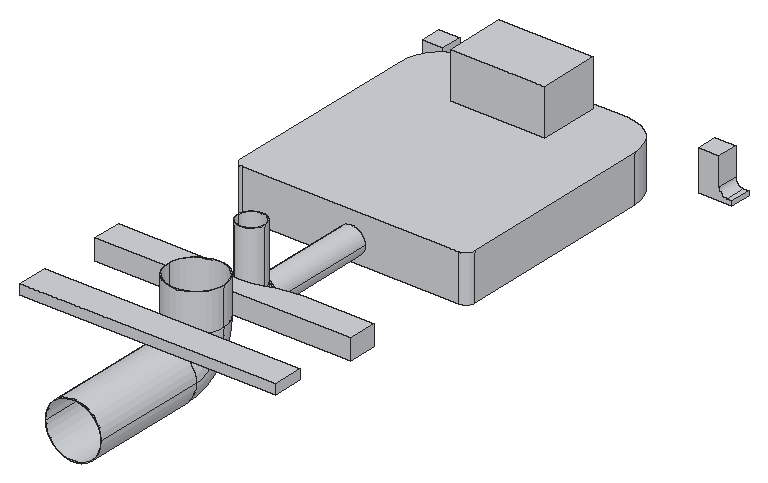
Revit family "Deca_Caixa de descarga embutida para drywall para bacia suspensa_Caixa embutida Hydra_2502.CX.AF", category Plumbing Fixtures, host Face, Revit 2019 (continued)
Lines and regions (mm)
  symbolic lines, style "PlumbingFixtures", visible <- "Visibilidade Mecanismo Interno", detail levels fine
    curve 500: line (38.839, -210.733, 0) -> (38.839, -214.205, 0)
    curve 501: line (38.254, -215.619, 0) -> (36.425, -217.448, 0)
    curve 502: line (-19.6, -275.972, 0) -> (19.6, -275.972, 0)
    curve 503: line (70.161, -321.19, 0) -> (63.97, -328.568, 0)
    curve 504: line (63.961, -328.567, 0) -> (54.836, -339.442, 0)
    curve 505: line (63.052, -299.114, 0) -> (70.862, -315.863, 0)
    curve 506: line (27.572, -277.124, 0) -> (20.6, -277.124, 0)
    curve 507: line (20.6, -277.124, 0) -> (27.636, -277.056, 0)
    curve 508: line (-20.623, -277.056, 0) -> (-27.624, -277.124, 0)
    curve 509: line (-28.216, -277.124, 0) -> (-20.601, -277.124, 0)
    curve 510: line (-56.295, -351.482, 0) -> (-52.142, -357.413, 0)
    curve 511: line (-53.173, -349.256, 0) -> (-55.734, -349.943, 0)
    curve 512: line (58.037, -298.454, 0) -> (56.528, -300.25, 0)
    curve 513: line (57.784, -301.715, 0) -> (59.59, -299.562, 0)
    curve 514: line (61.263, -299.782, 0) -> (69.163, -316.723, 0)
    curve 515: line (68.742, -319.919, 0) -> (64.495, -324.98, 0)
    curve 516: line (-20.092, -275.958, 0) -> (-20.092, -273.04, 0)
    curve 517: line (-20.092, -273.04, 0) -> (-20.122, -276.478, 0)
    curve 518: line (20.092, -275.958, 0) -> (20.123, -273.056, 0)
    curve 519: line (20.123, -273.056, 0) -> (20.123, -276.773, 0)
    curve 520: line (-53.22, -358.952, 0) -> (-60.099, -357.109, 0)
    curve 521: line (-47.518, -370.992, 0) -> (-63.057, -381.18, 0)
    curve 522: line (-63.057, -381.18, 0) -> (-47.532, -370.997, 0)
    curve 523: line (-58.607, -371.132, 0) -> (-47.104, -363.591, 0)
    curve 524: line (-62.406, -351.144, 0) -> (-60.925, -369.995, 0)
    curve 525: line (-69.248, -340.199, 0) -> (-66.149, -379.66, 0)
    curve 526: line (-66.149, -379.66, 0) -> (-69.253, -340.199, 0)
    curve 527: line (50, -452.817, 0) -> (50, -634.951, 0)
    curve 528: line (-50, -452.817, 0) -> (-50, -634.951, 0)
    curve 529: line (45.15, -380.093, 0) -> (45.15, -392.817, 0)
    curve 530: line (-45.15, -380.093, 0) -> (-45.15, -392.817, 0)
    curve 531: line (-295, 597.933, 0) -> (-301, 597.933, 0)
    curve 532: line (-301, 606.433, 0) -> (-295, 606.433, 0)
    curve 533: line (-306, 622.183, 0) -> (-313, 622.183, 0)
    curve 534: line (-313, 582.183, 0) -> (-306, 582.183, 0)
    curve 535: line (-306, 582.183, 0) -> (-290, 582.183, 0)
    curve 536: line (-250, 586.428, 0) -> (-250, 585.183, 0)
    curve 537: line (-315, 620.183, 0) -> (-315, 584.183, 0)
    curve 538: line (295, 606.433, 0) -> (301, 606.433, 0)
    curve 539: line (301, 597.933, 0) -> (295, 597.933, 0)
    curve 540: line (306, 582.183, 0) -> (313, 582.183, 0)
    curve 541: line (250, 586.428, 0) -> (250, 585.183, 0)
    curve 542: line (315, 584.183, 0) -> (315, 620.183, 0)
    curve 543: line (-123.1, 405.144, 0) -> (-133.1, 405.144, 0)
    curve 544: line (-243.1, 405.144, 0) -> (-253.1, 405.144, 0)
    curve 545: line (-189.498, 517.292, 0) -> (-258.314, 517.292, 0)
    curve 546: line (-253.1, 519.222, 0) -> (-243.1, 519.222, 0)
    curve 547: line (-242.837, 519.274, 0) -> (-133.363, 519.274, 0)
    curve 548: line (-133.1, 519.222, 0) -> (-123.1, 519.222, 0)
    curve 549: line (-90.114, 405.819, 0) -> (-90.114, 518.547, 0)
    curve 550: line (-89.114, 519.547, 0) -> (89.114, 519.547, 0)
    curve 551: line (90.114, 518.547, 0) -> (90.114, 405.819, 0)
    curve 552: line (89.114, 404.819, 0) -> (-89.114, 404.819, 0)
    curve 553: line (-122.794, 403.433, 0) -> (-122.794, 404.592, 0)
    curve 554: line (-122.794, 404.592, 0) -> (-117.514, 404.592, 0)
    curve 555: line (-97, 402.933, 0) -> (-122.293, 402.933, 0)
    curve 556: line (-96, 403.933, 0) -> (-96, 412.183, 0)
    curve 557: line (-96, 412.183, 0) -> (-91.913, 412.183, 0)
    curve 558: line (-91.913, 412.183, 0) -> (-91.897, 402.933, 0)
    curve 559: line (-91.897, 402.933, 0) -> (91.897, 402.933, 0)
    curve 560: line (91.897, 402.933, 0) -> (92, 462.183, 0)
    curve 561: line (92, 462.183, 0) -> (91.897, 521.433, 0)
    curve 562: line (91.897, 521.433, 0) -> (-91.897, 521.433, 0)
    curve 563: line (-91.897, 521.433, 0) -> (-91.913, 512.183, 0)
    curve 564: line (-91.913, 512.183, 0) -> (-96, 512.183, 0)
    curve 565: line (-96, 512.183, 0) -> (-96, 520.433, 0)
    curve 566: line (-97, 521.433, 0) -> (-122.293, 521.433, 0)
    curve 567: line (-122.794, 520.933, 0) -> (-122.794, 519.774, 0)
    curve 568: line (-122.794, 519.774, 0) -> (-117.514, 519.774, 0)
    curve 569: line (-99.621, 503.948, 0) -> (-113.985, 518.312, 0)
    curve 570: line (-98.159, 423.947, 0) -> (-98.159, 500.419, 0)
    curve 571: line (-113.985, 406.054, 0) -> (-99.621, 420.417, 0)
    curve 572: line (97.897, 521.443, 0) -> (98, 462.183, 0)
    curve 573: line (98, 462.183, 0) -> (92, 462.183, 0)
    curve 574: line (91.897, 527.433, 0) -> (-91.897, 527.433, 0)
    curve 575: line (-91.897, 396.933, 0) -> (91.897, 396.933, 0)
    curve 576: line (97.897, 402.922, 0) -> (98, 462.183, 0)
    curve 577: line (-261.475, 451.5, 0) -> (-261.475, 472.866, 0)
    curve 578: line (-133.406, 403.433, 0) -> (-133.406, 404.592, 0)
    curve 579: line (-133.406, 404.592, 0) -> (-242.795, 404.592, 0)
    curve 580: line (-263.467, 474.858, 0) -> (-272.5, 474.858, 0)
    curve 581: line (-272.5, 474.858, 0) -> (-272.5, 449.508, 0)
    curve 582: line (-272.5, 449.508, 0) -> (-263.467, 449.508, 0)
    curve 583: line (-133.907, 521.433, 0) -> (-242.293, 521.433, 0)
    curve 584: line (-242.794, 520.933, 0) -> (-242.794, 519.774, 0)
    curve 585: line (-133.406, 519.774, 0) -> (-133.406, 520.933, 0)
    curve 586: line (-189.498, 462.366, 0) -> (-189.498, 405.092, 0)
    curve 587: line (-224.983, 479.366, 0) -> (-224.983, 445, 0)
    curve 588: line (-280, 403.933, 0) -> (-280, 520.433, 0)
    curve 589: line (-253.907, 521.433, 0) -> (-279, 521.433, 0)
    curve 590: line (-253.406, 520.933, 0) -> (-253.406, 519.774, 0)
    curve 591: line (-253.406, 519.774, 0) -> (-258.486, 519.774, 0)
    curve 592: line (-253.406, 403.433, 0) -> (-253.406, 404.592, 0)
    curve 593: line (-253.406, 404.592, 0) -> (-258.486, 404.592, 0)
    curve 594: line (-253.907, 402.933, 0) -> (-279, 402.933, 0)
    curve 595: line (-189.498, 462.366, 0) -> (-189.498, 519.274, 0)
    curve 596: line (-274.624, 502.021, 0) -> (-260.088, 516.557, 0)
    curve 597: line (-275.359, 424.118, 0) -> (-275.359, 500.247, 0)
    curve 598: line (-260.088, 407.809, 0) -> (-274.624, 422.345, 0)
    curve 599: line (-189.498, 407.074, 0) -> (-258.314, 407.074, 0)
    curve 600: line (-263.3, 471.431, 0) -> (-263.3, 452.935, 0)
    curve 601: line (-263.3, 452.935, 0) -> (-263.3, 450.858, 0)
    curve 602: line (-263.3, 450.858, 0) -> (-265.8, 450.858, 0)
    curve 603: line (-265.8, 450.858, 0) -> (-265.8, 473.508, 0)
    curve 604: line (-265.8, 473.508, 0) -> (-263.3, 473.508, 0)
    curve 605: line (-263.3, 473.508, 0) -> (-263.3, 471.431, 0)
    curve 606: line (-276.379, 420.417, 0) -> (-262.015, 406.054, 0)
    curve 607: line (-277.841, 500.419, 0) -> (-277.841, 423.947, 0)
    curve 608: line (-262.015, 518.312, 0) -> (-276.379, 503.948, 0)
    curve 609: line (-187.086, 519.274, 0) -> (-187.086, 435.025, 0)
    curve 610: line (-187.095, 430.471, 0) -> (-187.172, 417.216, 0)
    curve 611: line (-187.173, 416.614, 0) -> (-187.173, 405.092, 0)
    curve 612: line (-221.817, 480.666, 0) -> (-223.683, 480.666, 0)
    curve 613: line (-223.683, 443.7, 0) -> (-221.817, 443.7, 0)
    curve 614: line (-220.518, 479.366, 0) -> (-220.518, 445, 0)
    curve 615: line (207.895, 404.186, 0) -> (207.895, 377.161, 0)
    curve 616: line (110, -218.817, 0) -> (250, -218.817, 0)
    curve 617: line (-216.895, 52.068, 0) -> (-216.179, 64.983, 0)
  symbolic lines, visible <- "Visibilidade Mecanismo Interno", detail levels fine
    curve 618: line (0, -527.86, -52.482) -> (0, -635.081, -52.669)
    curve 619: line (0, -635.081, -52.669) -> (0, -634.906, -152.669)
    curve 620: line (0, -634.906, -152.669) -> (0, -380.057, -152.224)
    curve 621: arc (0, -380.057, -152.224) -> (0, -326.638, -134.613) -> (0, -294.006, -88.8) r 90.3
    curve 622: line (0, -164.476, 75.6) -> (0, -235.676, 75.6)
    curve 623: line (0, -235.676, 75.6) -> (0, -229.282, 2.513)
    curve 624: line (0, -229.282, 2.513) -> (0, -170.871, 2.513)
    curve 625: line (0, -170.871, 2.513) -> (0, -164.476, 75.6)
    curve 626: line (0, -385.949, -13.5) -> (0, -390.24, 38.758)
    curve 627: line (0, -390.24, 38.758) -> (0, -280.24, 38.95)
    curve 628: line (0, -280.24, 38.95) -> (0, -284.363, -13.5)
    curve 629: line (0, -457.86, -13.5) -> (0, 622.14, -13.5)
    curve 630: line (0, 622.14, -13.5) -> (0, 622.14, -53.5)
    curve 631: line (0, 622.14, -53.5) -> (0, -457.86, -53.5)
    curve 632: line (0, -457.86, -53.5) -> (0, -457.86, -13.5)
    curve 633: line (0, -406.749, -53.5) -> (0, -406.577, -152.271)
    curve 634: arc (0, -216.938, -70.901) -> (0, -195.784, -89.066) -> (0, -168.676, -95.6) r 59.5
    curve 635: line (0, -168.676, -53.5) -> (0, -168.676, -95.6)
    curve 636: line (0, -168.676, -95.6) -> (0, -3.86, -95.6)
    curve 637: line (0, -33.86, -53.5) -> (0, -33.86, -67.5)
    curve 638: line (0, -33.86, -67.5) -> (0, -6.86, -67.5)
    curve 639: arc (0, -6.86, -67.5) -> (0, -4.739, -68.379) -> (0, -3.86, -70.5) r 3
    curve 640: line (0, -3.86, -70.5) -> (0, -3.86, -105.024)
    curve 641: line (0, -3.86, -105.024) -> (0, 45.249, -105.881)
    curve 642: spline (0, 45.249, -105.881) -> (0, 45.383, -105.886) -> (0, 45.517, -105.898) -> (0, 45.65, -105.915) -> (0, 45.783, -105.939) -> (0, 45.914, -105.968) -> (0, 46.043, -106.003) -> (0, 46.171, -106.044) -> (0, 46.297, -106.091) -> (0, 46.421, -106.144) -> (0, 46.542, -106.202) -> (0, 46.661, -106.265) -> (0, 46.776, -106.334)
    curve 643: line (0, 373.14, -98.46) -> (0, 64.88, -97.629)
    curve 644: spline (0, 54.886, -53.5) -> (0, 54.081, -57.009) -> (0, 53.507, -60.564) -> (0, 53.169, -64.148) -> (0, 53.067, -67.746) -> (0, 53.201, -71.343) -> (0, 53.572, -74.924) -> (0, 54.177, -78.473) -> (0, 55.014, -81.975) -> (0, 56.08, -85.415) -> (0, 57.369, -88.778) -> (0, 58.876, -92.05) -> (0, 60.595, -95.217)
    curve 645: line (0, 402.89, 76.63) -> (0, 402.89, -8.473)
    curve 646: line (0, 396.89, -8.484) -> (0, 462.14, -8.37)
    curve 647: line (0, 462.14, -8.37) -> (0, 527.39, -8.484)
    curve 648: line (0, 527.39, -8.484) -> (0, 527.39, -13.5)
    curve 649: line (0, 521.39, -8.473) -> (0, 521.39, 76.63)
    curve 650: line (0, 521.39, 76.63) -> (0, 402.89, 76.63)
    curve 651: line (0, 583.14, -58.5) -> (0, 583.14, -123.5)
    curve 652: arc (0, 583.14, -123.5) -> (0, 582.433, -123.793) -> (0, 582.14, -124.5) r 1
    curve 653: line (0, 582.14, -124.5) -> (0, 582.14, -133.5)
    curve 654: line (0, 582.14, -133.5) -> (0, 622.14, -133.5)
    curve 655: line (0, 622.14, -133.5) -> (0, 622.14, -124.5)
    curve 656: line (0, 622.14, -124.5) -> (0, 622.14, -58.5)
    curve 657: line (0, 622.14, -58.5) -> (0, 582.14, -58.5)
    curve 658: line (0, 582.14, -58.5) -> (0, 582.14, -108.5)
    curve 659: line (0, 582.14, -108.5) -> (0, 585.339, -108.5)
    curve 660: spline (0, 585.339, -108.5) -> (0, 585.34, -110.458) -> (0, 585.342, -112.382) -> (0, 585.345, -114.24) -> (0, 585.35, -116) -> (0, 585.355, -117.631) -> (0, 585.362, -119.107) -> (0, 585.37, -120.4) -> (0, 585.378, -121.49) -> (0, 585.388, -122.358) -> (0, 585.397, -122.989) -> (0, 585.407, -123.372) -> (0, 585.418, -123.5)
    curve 661: line (0, -527.86, -53.5) -> (0, -527.86, -13.5)
    curve 662: line (0, -527.86, -13.5) -> (0, -523.86, -13.5)
    curve 663: line (0, -523.86, -13.5) -> (0, -523.86, -53.5)
    curve 664: line (0, -523.86, -53.5) -> (0, -527.86, -53.5)
    curve 665: line (0, -523.86, -16) -> (0, -457.86, -16)
    curve 666: line (0, -457.86, -52.36) -> (0, -523.86, -52.475)
    curve 667: line (0, -275.984, -133.529) -> (0, -224.082, -133.529)
    curve 668: line (0, -224.082, -133.529) -> (0, -223.876, -54.992)
    curve 669: line (0, -276.324, -55.515) -> (0, -275.984, -133.529)
    curve 670: line (0, -266.532, -133.529) -> (0, -266.326, -55)
    curve 671: line (0, -233.284, -133.529) -> (0, -233.626, -55)
    curve 672: arc (0, -307.648, -53.5) -> (0, -299.022, -66.411) -> (0, -295.173, -81.455) r 46.09
    curve 673: arc (0, -295.173, -81.455) -> (0, -294.73, -85.15) -> (0, -294.006, -88.8) r 48.816
    curve 674: arc (0, -294.006, -88.8) -> (0, -291.765, -94.844) -> (0, -288.474, -100.386) r 35.713
    curve 675: arc (0, -231.626, -4.9) -> (0, -232.763, -9.154) -> (0, -232.056, -13.5) r 10.5
    curve 676: arc (0, -168.097, -13.5) -> (0, -167.389, -9.154) -> (0, -168.526, -4.9) r 10.5
    curve 677: line (0, -167.826, -4.4) -> (0, -167.826, 0.1)
    curve 678: arc (0, -167.826, 0.1) -> (0, -168.266, 1.161) -> (0, -169.326, 1.6) r 1.5
    curve 679: line (0, -169.326, 1.6) -> (0, -230.826, 1.6)
    curve 680: arc (0, -230.826, 1.6) -> (0, -231.887, 1.161) -> (0, -232.326, 0.1) r 1.5
    curve 681: line (0, -232.326, 0.1) -> (0, -232.326, -4.4)
    curve 682: arc (0, -232.326, -4.4) -> (0, -232.18, -4.754) -> (0, -231.826, -4.9) r 0.5
    curve 683: line (0, -231.826, -4.9) -> (0, -168.326, -4.9)
    curve 684: arc (0, -168.326, -4.9) -> (0, -167.973, -4.754) -> (0, -167.826, -4.4) r 0.5
    curve 685: line (0, -223.296, -85.005) -> (0, -209.093, -53.5)
    curve 686: line (0, -285.49, -104.436) -> (0, -285.47, -116.059)
    curve 687: line (0, -285.47, -116.059) -> (0, -288.47, -116.064)
    curve 688: line (0, -288.47, -116.064) -> (0, -288.496, -101.065)
    curve 689: line (0, -19.383, -67.5) -> (0, -19.383, -53.5)
    curve 690: arc (0, 52.025, -100.171) -> (0, 44.007, -77.519) -> (0, 44.722, -53.5) r 65.322
    curve 691: arc (0, 31.259, -53.5) -> (0, 29.808, -67.462) -> (0, 31.259, -81.423) r 67.884
    curve 692: arc (0, 31.259, -81.423) -> (0, 34.812, -93.022) -> (0, 40.385, -103.797) r 67.442
    curve 693: line (0, 34.84, -53.5) -> (0, 34.84, -82)
    curve 694: arc (0, 34.84, -82) -> (0, 32.719, -81.121) -> (0, 31.84, -79) r 3
    curve 695: line (0, 31.84, -79) -> (0, 31.84, -56)
    curve 696: arc (0, 31.84, -56) -> (0, 32.197, -54.581) -> (0, 33.182, -53.5) r 3
    curve 697: line (0, 34.84, -82) -> (0, 40.116, -82)
    curve 698: arc (0, 34.316, -81.954) -> (0, 37.458, -92.043) -> (0, 42.307, -101.432) r 60.509
    curve 699: line (0, 42.307, -101.432) -> (0, 51.235, -101.432)
    curve 700: arc (0, 40.116, -82) -> (0, 39.738, -67.75) -> (0, 40.1, -53.5) r 274.982
    curve 701: line (0, 373.251, -57.5) -> (0, 68.14, -57.5)
    curve 702: spline (0, 68.14, -57.5) -> (0, 67.488, -57.543) -> (0, 66.846, -57.67) -> (0, 66.227, -57.881) -> (0, 65.64, -58.17) -> (0, 65.096, -58.533) -> (0, 64.605, -58.964) -> (0, 64.173, -59.456) -> (0, 63.81, -60) -> (0, 63.521, -60.587) -> (0, 63.311, -61.206) -> (0, 63.183, -61.847) -> (0, 63.14, -62.5)
    curve 703: line (0, 63.14, -62.5) -> (0, 63.14, -72.5)
    curve 704: spline (0, 63.14, -72.5) -> (0, 63.183, -73.153) -> (0, 63.311, -73.794) -> (0, 63.521, -74.413) -> (0, 63.81, -75) -> (0, 64.173, -75.544) -> (0, 64.605, -76.036) -> (0, 65.096, -76.467) -> (0, 65.64, -76.83) -> (0, 66.227, -77.119) -> (0, 66.846, -77.33) -> (0, 67.488, -77.457) -> (0, 68.14, -77.5)
    curve 705: line (0, 68.14, -77.5) -> (0, 373.251, -77.5)
    curve 706: arc (0, 60.595, -95.217) -> (0, 62.423, -96.981) -> (0, 64.88, -97.629) r 5.037
    curve 707: arc (0, 380.14, -61.5) -> (0, 380.847, -61.793) -> (0, 381.14, -62.5) r 1
    curve 708: line (0, 381.14, -62.5) -> (0, 381.14, -101.5)
    curve 709: arc (0, 381.14, -101.5) -> (0, 381.872, -103.268) -> (0, 383.64, -104) r 2.5
    curve 710: line (0, 383.64, -104) -> (0, 418.64, -104)
    curve 711: arc (0, 418.64, -104) -> (0, 420.408, -103.268) -> (0, 421.14, -101.5) r 2.5
    curve 712: line (0, 421.14, -101.5) -> (0, 421.14, -62.5)
    curve 713: arc (0, 421.14, -62.5) -> (0, 421.433, -61.793) -> (0, 422.14, -61.5) r 1
    curve 714: line (0, 376.14, -53.5) -> (0, 376.14, -61)
    curve 715: arc (0, 376.14, -61) -> (0, 376.287, -61.354) -> (0, 376.64, -61.5) r 0.5
    curve 716: line (0, 376.64, -61.5) -> (0, 425.64, -61.5)
    curve 717: arc (0, 425.64, -61.5) -> (0, 425.994, -61.354) -> (0, 426.14, -61) r 0.5
    curve 718: line (0, 426.14, -61) -> (0, 426.14, -53.5)
    curve 719: line (0, 396.14, -95.457) -> (0, 406.14, -95.457)
    curve 720: line (0, 396.14, -72.205) -> (0, 396.14, -95.457)
    curve 721: line (0, 406.14, -72.205) -> (0, 396.14, -72.205)
    curve 722: line (0, 406.14, -95.457) -> (0, 406.14, -72.205)
    curve 723: line (0, 405.04, 76.63) -> (0, 405.754, 117.538)
    curve 724: spline (0, 406.111, 119.307) -> (0, 406.057, 119.166) -> (0, 406.007, 119.023) -> (0, 405.962, 118.879) -> (0, 405.921, 118.733) -> (0, 405.884, 118.586) -> (0, 405.852, 118.439) -> (0, 405.824, 118.29) -> (0, 405.801, 118.14) -> (0, 405.783, 117.99) -> (0, 405.769, 117.84) -> (0, 405.759, 117.689) -> (0, 405.754, 117.538)
    curve 725: line (0, 408.537, 125.373) -> (0, 406.111, 119.307)
    curve 726: spline (0, 410.394, 126.63) -> (0, 410.196, 126.62) -> (0, 410, 126.591) -> (0, 409.808, 126.542) -> (0, 409.621, 126.475) -> (0, 409.442, 126.389) -> (0, 409.273, 126.286) -> (0, 409.114, 126.167) -> (0, 408.969, 126.033) -> (0, 408.837, 125.885) -> (0, 408.72, 125.724) -> (0, 408.62, 125.553) -> (0, 408.537, 125.373)
    curve 727: line (0, 410.394, 126.63) -> (0, 417.14, 126.63)
    curve 728: line (0, 430.686, 103.873) -> (0, 417.14, 126.63)
    curve 729: spline (0, 430.686, 103.873) -> (0, 430.922, 103.512) -> (0, 431.188, 103.174) -> (0, 431.483, 102.859) -> (0, 431.803, 102.571) -> (0, 432.147, 102.312) -> (0, 432.512, 102.083) -> (0, 432.895, 101.887) -> (0, 433.293, 101.724) -> (0, 433.705, 101.596) -> (0, 434.125, 101.504) -> (0, 434.552, 101.449) -> (0, 434.983, 101.43)
    curve 730: line (0, 459.154, 101.43) -> (0, 434.983, 101.43)
    curve 731: line (0, 489.298, 101.43) -> (0, 465.126, 101.43)
    curve 732: spline (0, 489.298, 101.43) -> (0, 489.728, 101.449) -> (0, 490.155, 101.504) -> (0, 490.576, 101.596) -> (0, 490.987, 101.724) -> (0, 491.386, 101.887) -> (0, 491.769, 102.083) -> (0, 492.134, 102.312) -> (0, 492.477, 102.571) -> (0, 492.798, 102.859) -> (0, 493.092, 103.174) -> (0, 493.358, 103.512) -> (0, 493.594, 103.873)
    curve 733: line (0, 507.14, 126.63) -> (0, 493.594, 103.873)
    curve 734: line (0, 507.14, 126.63) -> (0, 513.886, 126.63)
    curve 735: line (0, 518.169, 119.307) -> (0, 515.743, 125.373)
    curve 736: spline (0, 518.526, 117.538) -> (0, 518.521, 117.689) -> (0, 518.512, 117.84) -> (0, 518.498, 117.99) -> (0, 518.479, 118.14) -> (0, 518.456, 118.29) -> (0, 518.428, 118.439) -> (0, 518.396, 118.586) -> (0, 518.359, 118.733) -> (0, 518.318, 118.879) -> (0, 518.273, 119.023) -> (0, 518.223, 119.166) -> (0, 518.169, 119.307)
    curve 737: line (0, 519.135, 82.63) -> (0, 518.526, 117.538)
    curve 738: arc (0, 513.886, 126.63) -> (0, 515.007, 126.286) -> (0, 515.743, 125.373) r 2
    curve 739: line (0, 405.145, 82.63) -> (0, 519.135, 82.63)
    curve 740: line (0, 412.306, 82.63) -> (0, 412.79, 89.63)
    curve 741: line (0, 473.975, 82.63) -> (0, 473.49, 89.63)
    curve 742: line (0, 473.49, 89.63) -> (0, 412.79, 89.63)
    curve 743: line (0, 480.14, 82.63) -> (0, 480.14, 86.898)
    curve 744: line (0, 480.14, 86.898) -> (0, 483.14, 88.63)
    curve 745: line (0, 483.14, 88.63) -> (0, 509.14, 88.63)
    curve 746: line (0, 509.14, 88.63) -> (0, 512.14, 86.898)
    curve 747: line (0, 512.14, 86.898) -> (0, 512.14, 82.63)
    curve 748: arc (0, 483.464, 89.535) -> (0, 482.843, 90.881) -> (0, 481.467, 91.43) r 2
    curve 749: line (0, 483.464, 89.535) -> (0, 483.511, 88.63)
    curve 750: line (0, 481.467, 91.43) -> (0, 442.814, 91.43)
    curve 751: arc (0, 442.814, 91.43) -> (0, 441.472, 90.913) -> (0, 440.824, 89.63) r 2
    curve 752: line (0, 519.277, 76.63) -> (0, 519.135, 82.63)
    curve 753: line (0, 396.89, -8.484) -> (0, 396.89, -13.5)
    curve 754: arc (0, 52.025, -100.171) -> (0, 57.488, -105.625) -> (0, 64.942, -107.628) r 14.956
    curve 755: arc (0, 42.999, -107.545) -> (0, 45.672, -108.318) -> (0, 48.443, -108.584) r 15
    curve 756: line (0, 42.999, -107.545) -> (0, 27.137, -107.503)
    curve 757: arc (0, 26.14, -106.503) -> (0, 26.432, -107.209) -> (0, 27.137, -107.503) r 1
    curve 758: line (0, 26.14, -105.547) -> (0, 26.14, -106.503)
    curve 759: line (0, 48.443, -108.584) -> (0, 388.16, -109.5)
    curve 760: line (0, 373.251, -53.5) -> (0, 373.251, -109.46)
    curve 761: line (0, 388.16, -109.5) -> (0, 388.171, -105.402)
    curve 762: line (0, 376.875, -105.37) -> (0, 404.14, -105.448)
    curve 763: line (0, 404.14, -105.448) -> (0, 521.221, -103.404)
    curve 764: arc (0, 521.221, -103.404) -> (0, 528.047, -100.604) -> (0, 531.176, -93.923) r 10.155
    curve 765: line (0, 533.757, -89.5) -> (0, 537.14, -89.5)
    curve 766: arc (0, 537.14, -89.5) -> (0, 538.554, -88.914) -> (0, 539.14, -87.5) r 2
    curve 767: line (0, 564.39, -77.653) -> (0, 543.39, -77.653)
    curve 768: line (0, 564.39, -57.04) -> (0, 564.39, -77.653)
    curve 769: line (0, 543.39, -57.04) -> (0, 564.39, -57.04)
    curve 770: line (0, 543.39, -84.003) -> (0, 543.39, -57.04)
    curve 771: arc (0, 542.122, -85.573) -> (0, 543.034, -85.012) -> (0, 543.39, -84.003) r 1.606
    curve 772: line (0, 542.122, -85.573) -> (0, 539.14, -85.399)
    curve 773: line (0, 539.14, -53.5) -> (0, 539.14, -87.5)
    curve 774: line (0, 531.14, -53.5) -> (0, 531.14, -75.073)
    curve 775: arc (0, 517.935, -82.36) -> (0, 517.746, -83.408) -> (0, 517.682, -84.471) r 8.944
    curve 776: line (0, 389.39, -94.115) -> (0, 389.39, -61.5)
    curve 777: line (0, 392.89, -94.115) -> (0, 392.89, -61.5)
    curve 778: arc (0, 389.39, -94.115) -> (0, 389.852, -96.086) -> (0, 391.14, -97.648) r 4.442
    curve 779: arc (0, 392.89, -94.115) -> (0, 392.429, -96.086) -> (0, 391.14, -97.648) r 4.442
    curve 780: line (0, 409.39, -94.115) -> (0, 409.39, -61.5)
    curve 781: line (0, 412.89, -94.115) -> (0, 412.89, -61.5)
    curve 782: arc (0, 409.39, -94.115) -> (0, 409.852, -96.086) -> (0, 411.14, -97.648) r 4.442
    curve 783: arc (0, 412.89, -94.115) -> (0, 412.429, -96.086) -> (0, 411.14, -97.648) r 4.442
    curve 784: arc (0, 518.744, -79.93) -> (0, 518.238, -81.111) -> (0, 517.935, -82.36) r 7.727
    curve 785: arc (0, 518.744, -79.93) -> (0, 519.844, -78.214) -> (0, 521.343, -76.832) r 7.974
    curve 786: arc (0, 521.343, -76.832) -> (0, 522.387, -76.309) -> (0, 523.539, -76.119) r 3.878
    curve 787: arc (0, 517.935, -86.583) -> (0, 517.746, -85.534) -> (0, 517.682, -84.471) r 8.944
    curve 788: arc (0, 518.744, -89.012) -> (0, 518.238, -87.831) -> (0, 517.935, -86.583) r 7.727
    curve 789: arc (0, 518.744, -89.012) -> (0, 519.844, -90.729) -> (0, 521.343, -92.11) r 7.974
    curve 790: arc (0, 521.343, -92.11) -> (0, 522.387, -92.634) -> (0, 523.539, -92.823) r 3.878
    curve 791: arc (0, 523.539, -76.119) -> (0, 524.398, -76.265) -> (0, 525.15, -76.705) r 2.427
    curve 792: arc (0, 525.15, -76.705) -> (0, 526.365, -78.12) -> (0, 527.104, -79.833) r 6.196
    curve 793: arc (0, 519.764, -74.928) -> (0, 518.435, -75.303) -> (0, 517.241, -75.999) r 5.467
    curve 794: arc (0, 517.241, -75.999) -> (0, 515.038, -78.343) -> (0, 513.691, -81.263) r 10.016
    curve 795: arc (0, 513.691, -81.263) -> (0, 513.357, -82.867) -> (0, 513.236, -84.5) r 12.473
    curve 796: arc (0, 523.539, -92.823) -> (0, 524.398, -92.677) -> (0, 525.15, -92.237) r 2.427
    curve 797: arc (0, 525.15, -92.237) -> (0, 526.365, -90.822) -> (0, 527.104, -89.11) r 6.196
    curve 798: arc (0, 527.104, -79.833) -> (0, 527.702, -84.471) -> (0, 527.104, -89.11) r 18.295
    curve 799: arc (0, 519.764, -74.928) -> (0, 521.339, -74.985) -> (0, 522.908, -75.118) r 32.207
    curve 800: arc (0, 522.908, -75.118) -> (0, 524.262, -75.531) -> (0, 525.392, -76.384) r 4.056
    curve 801: arc (0, 525.392, -76.384) -> (0, 527.2, -79.646) -> (0, 527.783, -83.329) r 10.735
    curve 802: arc (0, 519.764, -94.072) -> (0, 518.435, -93.697) -> (0, 517.241, -93.001) r 5.467
    curve 803: arc (0, 517.241, -93.001) -> (0, 515.038, -90.657) -> (0, 513.691, -87.737) r 10.016
    curve 804: arc (0, 513.691, -87.737) -> (0, 513.357, -86.133) -> (0, 513.236, -84.5) r 12.473
    curve 805: arc (0, 519.764, -94.072) -> (0, 521.339, -94.015) -> (0, 522.908, -93.882) r 32.207
    curve 806: arc (0, 522.908, -93.882) -> (0, 524.262, -93.469) -> (0, 525.392, -92.616) r 4.056
    curve 807: arc (0, 525.392, -92.616) -> (0, 527.169, -89.443) -> (0, 527.785, -85.86) r 10.735
    curve 808: arc (0, 374.136, -103.361) -> (0, 375.178, -104.812) -> (0, 376.875, -105.37) r 2.883
    curve 809: arc (0, 527.785, -85.86) -> (0, 527.824, -84.595) -> (0, 527.783, -83.329) r 20.174
    curve 810: arc (0, 527.573, -81.016) -> (0, 527.938, -78.676) -> (0, 528.635, -76.413) r 16.448
    curve 811: arc (0, 528.635, -76.413) -> (0, 529.125, -75.586) -> (0, 529.854, -74.961) r 2.949
    curve 812: line (0, 529.854, -74.961) -> (0, 531.979, -75.147)
    curve 813: arc (0, 531.979, -75.147) -> (0, 532.839, -75.697) -> (0, 533.389, -76.557) r 2.378
    curve 814: arc (0, 527.573, -87.984) -> (0, 527.938, -90.324) -> (0, 528.635, -92.587) r 16.448
    curve 815: arc (0, 528.635, -92.587) -> (0, 529.125, -93.414) -> (0, 529.854, -94.039) r 2.949
    curve 816: line (0, 529.854, -94.039) -> (0, 531.979, -93.853)
    curve 817: arc (0, 531.979, -93.853) -> (0, 532.839, -93.303) -> (0, 533.389, -92.443) r 2.378
    curve 818: arc (0, 533.389, -76.557) -> (0, 533.997, -84.5) -> (0, 533.389, -92.443) r 52.209
    curve 819: circle (0, -527.87, -67.5) r 24 normal (0, 1, 0)
    curve 820: circle (-67.5, -527.87, -67.5) r 24 normal (0, 1, 0)
    curve 821: circle (67.5, -527.87, -67.5) r 20 normal (0, 1, 0)
    curve 822: circle (0, -527.87, -67.5) r 20 normal (0, 1, 0)
    curve 823: circle (-67.5, -527.87, -67.5) r 15.388 normal (0, 1, 0)
    curve 824: circle (-67.5, -527.87, -67.5) r 9.3 normal (0, 1, 0)
    curve 825: line (-250, -527.87, -43.5) -> (250, -527.87, -43.5)
    curve 826: line (141.034, -527.87, -43.5) -> (141.034, -527.87, -93.352)
    curve 827: line (141.034, -527.87, -93.352) -> (-141.034, -527.87, -93.352)
    curve 828: line (-141.034, -527.87, -93.352) -> (-141.034, -527.87, -43.5)
    curve 829: circle (113.3, -527.87, -67.5) r 3.927 normal (0, 1, 0)
    curve 830: circle (-113.3, -527.87, -67.5) r 3.927 normal (0, 1, 0)
    curve 831: line (-229, -527.87, -43.5) -> (-229, -527.87, -53)
    curve 832: arc (-229, -527.87, -53) -> (-229.146, -527.87, -53.354) -> (-229.5, -527.87, -53.5) r 0.5
    curve 833: line (-229.5, -527.87, -53.5) -> (-288, -527.87, -53.5)
    curve 834: arc (-288, -527.87, -53.5) -> (-289.414, -527.87, -52.914) -> (-290, -527.87, -51.5) r 2
    curve 835: line (-290, -527.87, -51.5) -> (-290, -527.87, -15.5)
    curve 836: arc (-290, -527.87, -15.5) -> (-289.414, -527.87, -14.086) -> (-288, -527.87, -13.5) r 2
    curve 837: line (-288, -527.87, -13.5) -> (288, -527.87, -13.5)
    curve 838: arc (288, -527.87, -13.5) -> (289.414, -527.87, -14.086) -> (290, -527.87, -15.5) r 2
    curve 839: line (290, -527.87, -15.5) -> (290, -527.87, -51.5)
    curve 840: arc (290, -527.87, -51.5) -> (289.414, -527.87, -52.914) -> (288, -527.87, -53.5) r 2
    curve 841: line (288, -527.87, -53.5) -> (229, -527.87, -53.5)
    curve 842: line (250, -527.87, -133.5) -> (315, -527.87, -133.5)
    curve 843: line (315, -527.87, -133.5) -> (315, -527.87, -124.5)
    curve 844: arc (315, -527.87, -124.5) -> (314.707, -527.87, -123.793) -> (314, -527.87, -123.5) r 1
    curve 845: line (314, -527.87, -123.5) -> (306.006, -527.87, -123.5)
    curve 846: arc (306.006, -527.87, -123.5) -> (295.396, -527.87, -119.109) -> (291, -527.87, -108.5) r 15
    curve 847: line (291, -527.87, -108.5) -> (291, -527.87, -58.5)
    curve 848: line (291, -527.87, -58.5) -> (250, -527.87, -58.5)
    curve 849: line (250, -527.87, -58.5) -> (250, -527.87, -67.5)
    curve 850: line (250, -527.87, -67.5) -> (253, -527.87, -67.5)
    curve 851: line (253, -527.87, -67.5) -> (253, -527.87, -71.8)
    curve 852: line (253, -527.87, -71.8) -> (251, -527.87, -71.8)
    curve 853: line (251, -527.87, -71.8) -> (250, -527.87, -71.8)
    curve 854: line (250, -527.87, -71.8) -> (250, -527.87, -133.5)
    curve 855: line (-250, -527.87, -133.5) -> (-315, -527.87, -133.5)
    curve 856: line (-315, -527.87, -133.5) -> (-315, -527.87, -124.5)
    curve 857: arc (-315, -527.87, -124.5) -> (-314.707, -527.87, -123.793) -> (-314, -527.87, -123.5) r 1
    curve 858: line (-314, -527.87, -123.5) -> (-306.006, -527.87, -123.5)
    curve 859: arc (-306.006, -527.87, -123.5) -> (-295.396, -527.87, -119.109) -> (-291, -527.87, -108.5) r 15
    curve 860: line (-291, -527.87, -108.5) -> (-291, -527.87, -58.5)
    curve 861: line (-291, -527.87, -58.5) -> (-250, -527.87, -58.5)
    curve 862: line (-250, -527.87, -58.5) -> (-250, -527.87, -67.5)
    curve 863: line (-250, -527.87, -67.5) -> (-253, -527.87, -67.5)
    curve 864: line (-253, -527.87, -67.5) -> (-253, -527.87, -71.8)
    curve 865: line (-253, -527.87, -71.8) -> (-251, -527.87, -71.8)
    curve 866: line (-251, -527.87, -71.8) -> (-250, -527.87, -71.8)
    curve 867: line (-250, -527.87, -71.8) -> (-250, -527.87, -133.5)
    curve 868: line (229, -527.87, -53.5) -> (229, -527.87, -43.5)
    curve 869: line (268.5, -527.87, -53.5) -> (268.5, -527.87, -58.5)
    curve 870: line (-268.5, -527.87, -53.5) -> (-268.5, -527.87, -58.5)
    curve 871: line (144.524, -527.87, -103.404) -> (-144.524, -527.87, -103.404)
    curve 872: line (19.5, -527.87, -109.5) -> (19.5, -527.87, -133.497)
    curve 873: line (-19.5, -527.87, -133.497) -> (-19.5, -527.87, -109.5)
    curve 874: line (25.75, -527.87, -109.5) -> (25.75, -527.87, -133.497)
    curve 875: line (31.06, -527.87, -109.5) -> (30.976, -527.87, -133.497)
    curve 876: line (-30.976, -527.87, -133.497) -> (-31.06, -527.87, -109.5)
    curve 877: line (-25.75, -527.87, -109.5) -> (-25.75, -527.87, -133.497)
    curve 878: line (30.976, -527.87, -133.497) -> (-30.976, -527.87, -133.497)
    curve 879: spline (45.085, -527.87, -109.5) -> (43.045, -527.87, -120.701) -> (38.267, -527.87, -131.036) -> (31.056, -527.87, -139.847) -> (21.871, -527.87, -146.574) -> (11.295, -527.87, -150.789) -> (0, -527.87, -152.224) -> (-11.295, -527.87, -150.789) -> (-21.871, -527.87, -146.574) -> (-31.056, -527.87, -139.847) -> (-38.267, -527.87, -131.036) -> (-43.045, -527.87, -120.701) -> (-45.085, -527.87, -109.5)
    curve 880: spline (49.475, -527.87, -109.5) -> (46.383, -527.87, -120.943) -> (40.684, -527.87, -131.336) -> (32.7, -527.87, -140.096) -> (22.877, -527.87, -146.73) -> (11.769, -527.87, -150.866) -> (0, -527.87, -152.271) -> (-11.769, -527.87, -150.866) -> (-22.877, -527.87, -146.73) -> (-32.7, -527.87, -140.096) -> (-40.684, -527.87, -131.336) -> (-46.383, -527.87, -120.943) -> (-49.475, -527.87, -109.5)
    curve 881: line (49.475, -527.87, -109.5) -> (-200.525, -527.87, -109.5)
    curve 882: circle (155.011, -527.87, -84.5) r 9.432 normal (0, 1, 0)
    curve 883: circle (180.011, -527.87, -84.5) r 9.432 normal (0, 1, 0)
    curve 884: line (141.034, -527.87, -93.352) -> (151.754, -527.87, -93.352)
    curve 885: line (157.918, -527.87, -93.473) -> (177.104, -527.87, -93.473)
    curve 886: line (182.544, -527.87, -93.586) -> (217.581, -527.87, -94.454)
    curve 887: line (217.581, -527.87, -95) -> (217.581, -527.87, -43.5)
    curve 888: line (144.524, -527.87, -103.404) -> (144.524, -527.87, -93.352)
    curve 889: line (225, -527.87, -43.5) -> (225, -527.87, -103.5)
    curve 890: arc (225, -527.87, -103.5) -> (225.146, -527.87, -103.854) -> (225.5, -527.87, -104) r 0.5
    curve 891: line (225.5, -527.87, -104) -> (228.5, -527.87, -104)
    curve 892: arc (228.5, -527.87, -104) -> (228.854, -527.87, -103.854) -> (229, -527.87, -103.5) r 0.5
    curve 893: line (229, -527.87, -103.5) -> (229, -527.87, -61.5)
    curve 894: line (254, -527.87, -18) -> (254, -527.87, -49)
    curve 895: arc (254, -527.87, -49) -> (254.146, -527.87, -49.354) -> (254.5, -527.87, -49.5) r 0.5
    curve 896: line (254.5, -527.87, -49.5) -> (285.5, -527.87, -49.5)
    curve 897: arc (285.5, -527.87, -49.5) -> (285.854, -527.87, -49.354) -> (286, -527.87, -49) r 0.5
    curve 898: line (286, -527.87, -49) -> (286, -527.87, -18)
    curve 899: arc (286, -527.87, -18) -> (285.854, -527.87, -17.646) -> (285.5, -527.87, -17.5) r 0.5
    curve 900: line (285.5, -527.87, -17.5) -> (254.5, -527.87, -17.5)
    curve 901: arc (254.5, -527.87, -17.5) -> (254.146, -527.87, -17.646) -> (254, -527.87, -18) r 0.5
    curve 902: line (-254, -527.87, -49) -> (-254, -527.87, -18)
    curve 903: arc (-254, -527.87, -18) -> (-254.146, -527.87, -17.646) -> (-254.5, -527.87, -17.5) r 0.5
    curve 904: line (-254.5, -527.87, -17.5) -> (-285.5, -527.87, -17.5)
    curve 905: arc (-285.5, -527.87, -17.5) -> (-285.854, -527.87, -17.646) -> (-286, -527.87, -18) r 0.5
    curve 906: line (-286, -527.87, -18) -> (-286, -527.87, -49)
    curve 907: arc (-286, -527.87, -49) -> (-285.854, -527.87, -49.354) -> (-285.5, -527.87, -49.5) r 0.5
    curve 908: line (-285.5, -527.87, -49.5) -> (-254.5, -527.87, -49.5)
    curve 909: arc (-254.5, -527.87, -49.5) -> (-254.146, -527.87, -49.354) -> (-254, -527.87, -49) r 0.5
    curve 910: line (-250, -527.87, -53.5) -> (-250, -527.87, -13.5)
    curve 911: line (250, -527.87, -53.5) -> (250, -527.87, -13.5)
    curve 912: line (250, -527.87, -16.5) -> (-250, -527.87, -16.5)
    curve 913: line (225.5, -527.87, -61.5) -> (250, -527.87, -61.5)
    curve 914: line (244, -527.87, -61.5) -> (244, -527.87, -71.5)
    curve 915: line (244, -527.87, -71.5) -> (242.089, -527.87, -74.809)
    curve 916: arc (242.089, -527.87, -74.809) -> (231.956, -527.87, -79) -> (233.393, -527.87, -89.871) r 9
    curve 917: line (233.393, -527.87, -89.871) -> (229, -527.87, -97.481)
    curve 918: arc (227.185, -527.87, -104) -> (223.605, -527.87, -107.308) -> (218.869, -527.87, -108.46) r 9.706
    curve 919: line (218.869, -527.87, -108.46) -> (202.852, -527.87, -108.46)
    curve 920: line (202.852, -527.87, -108.46) -> (200.525, -527.87, -109.5)
    curve 921: line (200.525, -527.87, -109.5) -> (49.475, -527.87, -109.5)
    curve 922: line (-144.524, -527.87, -103.404) -> (-144.669, -527.87, -93.352)
    curve 923: line (-217.581, -527.87, -94.809) -> (-217.581, -527.87, -43.5)
    curve 924: line (-225, -527.87, -43.5) -> (-225, -527.87, -103.5)
    curve 925: arc (-225, -527.87, -103.5) -> (-225.146, -527.87, -103.854) -> (-225.5, -527.87, -104) r 0.5
    curve 926: line (-225.5, -527.87, -104) -> (-228.5, -527.87, -104)
    curve 927: arc (-228.5, -527.87, -104) -> (-228.854, -527.87, -103.854) -> (-229, -527.87, -103.5) r 0.5
    curve 928: line (-229, -527.87, -103.5) -> (-229, -527.87, -61.5)
    curve 929: line (-244, -527.87, -61.5) -> (-244, -527.87, -71.5)
    curve 930: line (-244, -527.87, -71.5) -> (-242.089, -527.87, -74.809)
    curve 931: arc (-242.089, -527.87, -74.809) -> (-231.956, -527.87, -79) -> (-233.393, -527.87, -89.871) r 9
    curve 932: line (-233.393, -527.87, -89.871) -> (-229, -527.87, -97.481)
    curve 933: arc (-227.185, -527.87, -104) -> (-223.605, -527.87, -107.308) -> (-218.869, -527.87, -108.46) r 9.706
    curve 934: line (-218.869, -527.87, -108.46) -> (-202.852, -527.87, -108.46)
    curve 935: line (-202.852, -527.87, -108.46) -> (-200.525, -527.87, -109.5)
    curve 936: line (-141.034, -527.87, -93.352) -> (-151.935, -527.87, -93.352)
    curve 937: line (-151.935, -527.87, -93.473) -> (-179.317, -527.87, -93.473)
    curve 938: line (-179.317, -527.87, -93.473) -> (-217.581, -527.87, -94.809)
    curve 939: line (-225, -527.87, -61.5) -> (-250, -527.87, -61.5)
    curve 940: circle (67.5, -527.87, -67.5) r 24 normal (0, 1, 0)
    curve 941: line (225, -527.87, -97.5) -> (218.5, -527.87, -97.5)
    curve 942: arc (218.5, -527.87, -97.5) -> (215.11, -527.87, -103.348) -> (208.685, -527.87, -105.448) r 9.473
    curve 943: line (208.685, -527.87, -105.448) -> (-166.315, -527.87, -105.448)
    curve 944: line (-166.315, -527.87, -105.448) -> (-207.895, -527.87, -105.448)
    curve 945: arc (-207.895, -527.87, -105.448) -> (-215.089, -527.87, -102.269) -> (-217.581, -527.87, -94.809) r 9.728
    curve 946: line (218.5, -527.87, -97.5) -> (217.581, -527.87, -95)
    curve 947: line (-225, -527.87, -97.5) -> (-218.5, -527.87, -97.5)
    curve 948: line (-218.5, -527.87, -97.5) -> (-217.601, -527.87, -95.054)
    curve 949: line (-91.913, -527.87, -8.473) -> (-91.913, -527.87, 76.63)
    curve 950: line (-98.016, -527.87, -8.473) -> (-91.913, -527.87, -8.473)
    curve 951: line (-98.016, -527.87, -10.17) -> (-98.016, -527.87, -8.473)
    curve 952: line (-91.913, -527.87, -10.17) -> (-98.016, -527.87, -10.17)
    curve 953: line (-91.913, -527.87, -13.5) -> (-91.913, -527.87, -10.17)
    curve 954: line (91.897, -527.87, -10.17) -> (91.897, -527.87, -13.5)
    curve 955: line (98, -527.87, -10.17) -> (91.897, -527.87, -10.17)
    curve 956: line (98, -527.87, -8.473) -> (98, -527.87, -10.17)
    curve 957: line (91.897, -527.87, -8.473) -> (98, -527.87, -8.473)
    curve 958: line (91.897, -527.87, 76.63) -> (91.897, -527.87, -8.473)
    curve 959: line (-91.913, -527.87, 76.63) -> (91.897, -527.87, 76.63)
    curve 960: line (-176.4, -527.87, 89.63) -> (-109.065, -527.87, 89.63)
    curve 961: line (-109.065, -527.87, 89.63) -> (-109.065, -527.87, 82.63)
    curve 962: line (-109.065, -527.87, 82.63) -> (-96, -527.87, 82.63)
    curve 963: line (-96, -527.87, 82.63) -> (-96, -527.87, 76.63)
    curve 964: line (-96, -527.87, 76.63) -> (-276.754, -527.87, 76.63)
    curve 965: line (-276.754, -527.87, 76.63) -> (-276.754, -527.87, 82.63)
    curve 966: line (-276.754, -527.87, 82.63) -> (-254.798, -527.87, 82.63)
    curve 967: line (-254.798, -527.87, 82.63) -> (-254.798, -527.87, 91.63)
    curve 968: line (-254.798, -527.87, 91.63) -> (-231.081, -527.87, 91.63)
    curve 969: line (-231.081, -527.87, 91.63) -> (-231.081, -527.87, 82.63)
    curve 970: line (-231.081, -527.87, 82.63) -> (-189.477, -527.87, 82.63)
    curve 971: line (-189.477, -527.87, 82.63) -> (-189.477, -527.87, 126.331)
    curve 972: line (-189.477, -527.87, 126.331) -> (-187.173, -527.87, 126.331)
    curve 973: line (-187.173, -527.87, 126.331) -> (-187.173, -527.87, 91.63)
    curve 974: line (-187.173, -527.87, 91.63) -> (-179.025, -527.87, 91.63)
    curve 975: line (-179.025, -527.87, 91.63) -> (-179.025, -527.87, 82.63)
    curve 976: line (-179.025, -527.87, 82.63) -> (-176.4, -527.87, 82.63)
    curve 977: line (-176.4, -527.87, 82.63) -> (-176.4, -527.87, 89.63)
    curve 978: line (-99.246, -527.87, 82.63) -> (-186.521, -527.87, 82.63)
    curve 979: line (-231.081, -527.87, 82.63) -> (-254.798, -527.87, 82.63)
  symbolic lines, visible <- "Visibilidade Mecanismo Interno", not visible, detail levels fine
    curve 980: line (0, -527.86, 81.018) -> (0, -635.081, 80.831)
    curve 981: line (0, -635.081, 80.831) -> (0, -634.906, -19.169)
    curve 982: line (0, -634.906, -19.169) -> (0, -380.057, -18.724)
    curve 983: arc (0, -380.057, -18.724) -> (0, -326.638, -1.113) -> (0, -294.006, 44.7) r 90.3
    curve 984: line (0, -164.476, 209.1) -> (0, -235.676, 209.1)
    curve 985: line (0, -235.676, 209.1) -> (0, -229.282, 136.013)
    curve 986: line (0, -229.282, 136.013) -> (0, -170.871, 136.013)
    curve 987: line (0, -170.871, 136.013) -> (0, -164.476, 209.1)
    curve 988: line (0, -385.949, 120) -> (0, -390.24, 172.258)
    curve 989: line (0, -390.24, 172.258) -> (0, -280.24, 172.45)
    curve 990: line (0, -280.24, 172.45) -> (0, -284.363, 120)
    curve 991: line (0, -457.86, 120) -> (0, 622.14, 120)
    curve 992: line (0, 622.14, 120) -> (0, 622.14, 80)
    curve 993: line (0, 622.14, 80) -> (0, -457.86, 80)
    curve 994: line (0, -457.86, 80) -> (0, -457.86, 120)
    curve 995: line (0, -406.749, 80) -> (0, -406.577, -18.771)
    curve 996: arc (0, -216.938, 62.599) -> (0, -195.784, 44.434) -> (0, -168.676, 37.9) r 59.5
    curve 997: line (0, -168.676, 80) -> (0, -168.676, 37.9)
    curve 998: line (0, -168.676, 37.9) -> (0, -3.86, 37.9)
    curve 999: line (0, -33.86, 80) -> (0, -33.86, 66)
    curve 1000: line (0, -33.86, 66) -> (0, -6.86, 66)
    curve 1001: arc (0, -6.86, 66) -> (0, -4.739, 65.121) -> (0, -3.86, 63) r 3
    curve 1002: line (0, -3.86, 63) -> (0, -3.86, 28.476)
    curve 1003: line (0, -3.86, 28.476) -> (0, 45.249, 27.619)
    curve 1004: spline (0, 45.249, 27.619) -> (0, 45.383, 27.614) -> (0, 45.517, 27.602) -> (0, 45.65, 27.585) -> (0, 45.783, 27.561) -> (0, 45.914, 27.532) -> (0, 46.043, 27.497) -> (0, 46.171, 27.456) -> (0, 46.297, 27.409) -> (0, 46.421, 27.356) -> (0, 46.542, 27.298) -> (0, 46.661, 27.235) -> (0, 46.776, 27.166)
    curve 1005: line (0, 373.14, 35.04) -> (0, 64.88, 35.871)
    curve 1006: spline (0, 54.886, 80) -> (0, 54.081, 76.491) -> (0, 53.507, 72.936) -> (0, 53.169, 69.352) -> (0, 53.067, 65.754) -> (0, 53.201, 62.157) -> (0, 53.572, 58.576) -> (0, 54.177, 55.027) -> (0, 55.014, 51.525) -> (0, 56.08, 48.085) -> (0, 57.369, 44.722) -> (0, 58.876, 41.45) -> (0, 60.595, 38.283)
    curve 1007: line (0, 402.89, 210.13) -> (0, 402.89, 125.027)
    curve 1008: line (0, 396.89, 125.016) -> (0, 462.14, 125.13)
    curve 1009: line (0, 462.14, 125.13) -> (0, 527.39, 125.016)
    curve 1010: line (0, 527.39, 125.016) -> (0, 527.39, 120)
    curve 1011: line (0, 521.39, 125.027) -> (0, 521.39, 210.13)
    curve 1012: line (0, 521.39, 210.13) -> (0, 402.89, 210.13)
    curve 1013: line (0, 583.14, 75) -> (0, 583.14, 10)
    curve 1014: arc (0, 583.14, 10) -> (0, 582.433, 9.707) -> (0, 582.14, 9) r 1
    curve 1015: line (0, 582.14, 9) -> (0, 582.14, 0)
    curve 1016: line (0, 582.14, 0) -> (0, 622.14, 0)
    curve 1017: line (0, 622.14, 0) -> (0, 622.14, 9)
    curve 1018: line (0, 622.14, 9) -> (0, 622.14, 75)
    curve 1019: line (0, 622.14, 75) -> (0, 582.14, 75)
    curve 1020: line (0, 582.14, 75) -> (0, 582.14, 25)
    curve 1021: line (0, 582.14, 25) -> (0, 585.339, 25)
    curve 1022: spline (0, 585.339, 25) -> (0, 585.34, 23.042) -> (0, 585.342, 21.118) -> (0, 585.345, 19.26) -> (0, 585.35, 17.5) -> (0, 585.355, 15.869) -> (0, 585.362, 14.393) -> (0, 585.37, 13.1) -> (0, 585.378, 12.01) -> (0, 585.388, 11.142) -> (0, 585.397, 10.511) -> (0, 585.407, 10.128) -> (0, 585.418, 10)
    curve 1023: line (0, -527.86, 80) -> (0, -527.86, 120)
    curve 1024: line (0, -527.86, 120) -> (0, -523.86, 120)
    curve 1025: line (0, -523.86, 120) -> (0, -523.86, 80)
    curve 1026: line (0, -523.86, 80) -> (0, -527.86, 80)
    curve 1027: line (0, -523.86, 117.5) -> (0, -457.86, 117.5)
    curve 1028: line (0, -457.86, 81.14) -> (0, -523.86, 81.025)
    curve 1029: line (0, -275.984, -0.029) -> (0, -224.082, -0.029)
    curve 1030: line (0, -224.082, -0.029) -> (0, -223.876, 78.508)
    curve 1031: line (0, -276.324, 77.985) -> (0, -275.984, -0.029)
    curve 1032: line (0, -266.532, -0.029) -> (0, -266.326, 78.5)
    curve 1033: line (0, -233.284, -0.029) -> (0, -233.626, 78.5)
    curve 1034: arc (0, -307.648, 80) -> (0, -299.022, 67.089) -> (0, -295.173, 52.045) r 46.09
    curve 1035: arc (0, -295.173, 52.045) -> (0, -294.73, 48.35) -> (0, -294.006, 44.7) r 48.816
    curve 1036: arc (0, -294.006, 44.7) -> (0, -291.765, 38.656) -> (0, -288.474, 33.114) r 35.713
    curve 1037: arc (0, -231.626, 128.6) -> (0, -232.763, 124.346) -> (0, -232.056, 120) r 10.5
    curve 1038: arc (0, -168.097, 120) -> (0, -167.389, 124.346) -> (0, -168.526, 128.6) r 10.5
    curve 1039: line (0, -167.826, 129.1) -> (0, -167.826, 133.6)
    curve 1040: arc (0, -167.826, 133.6) -> (0, -168.266, 134.661) -> (0, -169.326, 135.1) r 1.5
    curve 1041: line (0, -169.326, 135.1) -> (0, -230.826, 135.1)
    curve 1042: arc (0, -230.826, 135.1) -> (0, -231.887, 134.661) -> (0, -232.326, 133.6) r 1.5
    curve 1043: line (0, -232.326, 133.6) -> (0, -232.326, 129.1)
    curve 1044: arc (0, -232.326, 129.1) -> (0, -232.18, 128.746) -> (0, -231.826, 128.6) r 0.5
    curve 1045: line (0, -231.826, 128.6) -> (0, -168.326, 128.6)
    curve 1046: arc (0, -168.326, 128.6) -> (0, -167.973, 128.746) -> (0, -167.826, 129.1) r 0.5
    curve 1047: line (0, -223.296, 48.495) -> (0, -209.093, 80)
    curve 1048: line (0, -285.49, 29.064) -> (0, -285.47, 17.441)
    curve 1049: line (0, -285.47, 17.441) -> (0, -288.47, 17.436)
    curve 1050: line (0, -288.47, 17.436) -> (0, -288.496, 32.435)
    curve 1051: line (0, -19.383, 66) -> (0, -19.383, 80)
    curve 1052: arc (0, 52.025, 33.329) -> (0, 44.007, 55.981) -> (0, 44.722, 80) r 65.322
    curve 1053: arc (0, 31.259, 80) -> (0, 29.808, 66.038) -> (0, 31.259, 52.077) r 67.884
    curve 1054: arc (0, 31.259, 52.077) -> (0, 34.812, 40.478) -> (0, 40.385, 29.703) r 67.442
    curve 1055: line (0, 34.84, 80) -> (0, 34.84, 51.5)
    curve 1056: arc (0, 34.84, 51.5) -> (0, 32.719, 52.379) -> (0, 31.84, 54.5) r 3
    curve 1057: line (0, 31.84, 54.5) -> (0, 31.84, 77.5)
    curve 1058: arc (0, 31.84, 77.5) -> (0, 32.197, 78.919) -> (0, 33.182, 80) r 3
    curve 1059: line (0, 34.84, 51.5) -> (0, 40.116, 51.5)
    curve 1060: arc (0, 34.316, 51.546) -> (0, 37.458, 41.457) -> (0, 42.307, 32.068) r 60.509
    curve 1061: line (0, 42.307, 32.068) -> (0, 51.235, 32.068)
    curve 1062: arc (0, 40.116, 51.5) -> (0, 39.738, 65.75) -> (0, 40.1, 80) r 274.982
    curve 1063: line (0, 373.251, 76) -> (0, 68.14, 76)
    curve 1064: spline (0, 68.14, 76) -> (0, 67.488, 75.957) -> (0, 66.846, 75.83) -> (0, 66.227, 75.619) -> (0, 65.64, 75.33) -> (0, 65.096, 74.967) -> (0, 64.605, 74.536) -> (0, 64.173, 74.044) -> (0, 63.81, 73.5) -> (0, 63.521, 72.913) -> (0, 63.311, 72.294) -> (0, 63.183, 71.653) -> (0, 63.14, 71)
    curve 1065: line (0, 63.14, 71) -> (0, 63.14, 61)
    curve 1066: spline (0, 63.14, 61) -> (0, 63.183, 60.347) -> (0, 63.311, 59.706) -> (0, 63.521, 59.087) -> (0, 63.81, 58.5) -> (0, 64.173, 57.956) -> (0, 64.605, 57.464) -> (0, 65.096, 57.033) -> (0, 65.64, 56.67) -> (0, 66.227, 56.381) -> (0, 66.846, 56.17) -> (0, 67.488, 56.043) -> (0, 68.14, 56)
    curve 1067: line (0, 68.14, 56) -> (0, 373.251, 56)
    curve 1068: arc (0, 60.595, 38.283) -> (0, 62.423, 36.519) -> (0, 64.88, 35.871) r 5.037
    curve 1069: arc (0, 380.14, 72) -> (0, 380.847, 71.707) -> (0, 381.14, 71) r 1
    curve 1070: line (0, 381.14, 71) -> (0, 381.14, 32)
    curve 1071: arc (0, 381.14, 32) -> (0, 381.872, 30.232) -> (0, 383.64, 29.5) r 2.5
    curve 1072: line (0, 383.64, 29.5) -> (0, 418.64, 29.5)
    curve 1073: arc (0, 418.64, 29.5) -> (0, 420.408, 30.232) -> (0, 421.14, 32) r 2.5
    curve 1074: line (0, 421.14, 32) -> (0, 421.14, 71)
    curve 1075: arc (0, 421.14, 71) -> (0, 421.433, 71.707) -> (0, 422.14, 72) r 1
    curve 1076: line (0, 376.14, 80) -> (0, 376.14, 72.5)
    curve 1077: arc (0, 376.14, 72.5) -> (0, 376.287, 72.146) -> (0, 376.64, 72) r 0.5
    curve 1078: line (0, 376.64, 72) -> (0, 425.64, 72)
    curve 1079: arc (0, 425.64, 72) -> (0, 425.994, 72.146) -> (0, 426.14, 72.5) r 0.5
    curve 1080: line (0, 426.14, 72.5) -> (0, 426.14, 80)
    curve 1081: line (0, 396.14, 38.043) -> (0, 406.14, 38.043)
    curve 1082: line (0, 396.14, 61.295) -> (0, 396.14, 38.043)
    curve 1083: line (0, 406.14, 61.295) -> (0, 396.14, 61.295)
    curve 1084: line (0, 406.14, 38.043) -> (0, 406.14, 61.295)
    curve 1085: line (0, 405.04, 210.13) -> (0, 405.754, 251.038)
    curve 1086: spline (0, 406.111, 252.807) -> (0, 406.057, 252.666) -> (0, 406.007, 252.523) -> (0, 405.962, 252.379) -> (0, 405.921, 252.233) -> (0, 405.884, 252.086) -> (0, 405.852, 251.939) -> (0, 405.824, 251.79) -> (0, 405.801, 251.64) -> (0, 405.783, 251.49) -> (0, 405.769, 251.34) -> (0, 405.759, 251.189) -> (0, 405.754, 251.038)
    curve 1087: line (0, 408.537, 258.873) -> (0, 406.111, 252.807)
    curve 1088: spline (0, 410.394, 260.13) -> (0, 410.196, 260.12) -> (0, 410, 260.091) -> (0, 409.808, 260.042) -> (0, 409.621, 259.975) -> (0, 409.442, 259.889) -> (0, 409.273, 259.786) -> (0, 409.114, 259.667) -> (0, 408.969, 259.533) -> (0, 408.837, 259.385) -> (0, 408.72, 259.224) -> (0, 408.62, 259.053) -> (0, 408.537, 258.873)
    curve 1089: line (0, 410.394, 260.13) -> (0, 417.14, 260.13)
    curve 1090: line (0, 430.686, 237.373) -> (0, 417.14, 260.13)
    curve 1091: spline (0, 430.686, 237.373) -> (0, 430.922, 237.012) -> (0, 431.188, 236.674) -> (0, 431.483, 236.359) -> (0, 431.803, 236.071) -> (0, 432.147, 235.812) -> (0, 432.512, 235.583) -> (0, 432.895, 235.387) -> (0, 433.293, 235.224) -> (0, 433.705, 235.096) -> (0, 434.125, 235.004) -> (0, 434.552, 234.949) -> (0, 434.983, 234.93)
    curve 1092: line (0, 459.154, 234.93) -> (0, 434.983, 234.93)
    curve 1093: line (0, 489.298, 234.93) -> (0, 465.126, 234.93)
    curve 1094: spline (0, 489.298, 234.93) -> (0, 489.728, 234.949) -> (0, 490.155, 235.004) -> (0, 490.576, 235.096) -> (0, 490.987, 235.224) -> (0, 491.386, 235.387) -> (0, 491.769, 235.583) -> (0, 492.134, 235.812) -> (0, 492.477, 236.071) -> (0, 492.798, 236.359) -> (0, 493.092, 236.674) -> (0, 493.358, 237.012) -> (0, 493.594, 237.373)
    curve 1095: line (0, 507.14, 260.13) -> (0, 493.594, 237.373)
    curve 1096: line (0, 507.14, 260.13) -> (0, 513.886, 260.13)
    curve 1097: line (0, 518.169, 252.807) -> (0, 515.743, 258.873)
    curve 1098: spline (0, 518.526, 251.038) -> (0, 518.521, 251.189) -> (0, 518.512, 251.34) -> (0, 518.498, 251.49) -> (0, 518.479, 251.64) -> (0, 518.456, 251.79) -> (0, 518.428, 251.939) -> (0, 518.396, 252.086) -> (0, 518.359, 252.233) -> (0, 518.318, 252.379) -> (0, 518.273, 252.523) -> (0, 518.223, 252.666) -> (0, 518.169, 252.807)
    curve 1099: line (0, 519.135, 216.13) -> (0, 518.526, 251.038)
    curve 1100: arc (0, 513.886, 260.13) -> (0, 515.007, 259.786) -> (0, 515.743, 258.873) r 2
    curve 1101: line (0, 405.145, 216.13) -> (0, 519.135, 216.13)
    curve 1102: line (0, 412.306, 216.13) -> (0, 412.79, 223.13)
    curve 1103: line (0, 473.975, 216.13) -> (0, 473.49, 223.13)
    curve 1104: line (0, 473.49, 223.13) -> (0, 412.79, 223.13)
    curve 1105: line (0, 480.14, 216.13) -> (0, 480.14, 220.398)
    curve 1106: line (0, 480.14, 220.398) -> (0, 483.14, 222.13)
    curve 1107: line (0, 483.14, 222.13) -> (0, 509.14, 222.13)
    curve 1108: line (0, 509.14, 222.13) -> (0, 512.14, 220.398)
    curve 1109: line (0, 512.14, 220.398) -> (0, 512.14, 216.13)
    curve 1110: arc (0, 483.464, 223.035) -> (0, 482.843, 224.381) -> (0, 481.467, 224.93) r 2
    curve 1111: line (0, 483.464, 223.035) -> (0, 483.511, 222.13)
    curve 1112: line (0, 481.467, 224.93) -> (0, 442.814, 224.93)
    curve 1113: arc (0, 442.814, 224.93) -> (0, 441.472, 224.413) -> (0, 440.824, 223.13) r 2
    curve 1114: line (0, 519.277, 210.13) -> (0, 519.135, 216.13)
    curve 1115: line (0, 396.89, 125.016) -> (0, 396.89, 120)
    curve 1116: arc (0, 52.025, 33.329) -> (0, 57.488, 27.875) -> (0, 64.942, 25.872) r 14.956
    curve 1117: arc (0, 42.999, 25.955) -> (0, 45.672, 25.182) -> (0, 48.443, 24.916) r 15
    curve 1118: line (0, 42.999, 25.955) -> (0, 27.137, 25.997)
    curve 1119: arc (0, 26.14, 26.997) -> (0, 26.432, 26.291) -> (0, 27.137, 25.997) r 1
    curve 1120: line (0, 26.14, 27.953) -> (0, 26.14, 26.997)
    curve 1121: line (0, 48.443, 24.916) -> (0, 388.16, 24)
    curve 1122: line (0, 373.251, 80) -> (0, 373.251, 24.04)
    curve 1123: line (0, 388.16, 24) -> (0, 388.171, 28.098)
    curve 1124: line (0, 376.875, 28.13) -> (0, 404.14, 28.052)
    curve 1125: line (0, 404.14, 28.052) -> (0, 521.221, 30.096)
    curve 1126: arc (0, 521.221, 30.096) -> (0, 528.047, 32.896) -> (0, 531.176, 39.577) r 10.155
    curve 1127: line (0, 533.757, 44) -> (0, 537.14, 44)
    curve 1128: arc (0, 537.14, 44) -> (0, 538.554, 44.586) -> (0, 539.14, 46) r 2
    curve 1129: line (0, 564.39, 55.847) -> (0, 543.39, 55.847)
    curve 1130: line (0, 564.39, 76.46) -> (0, 564.39, 55.847)
    curve 1131: line (0, 543.39, 76.46) -> (0, 564.39, 76.46)
    curve 1132: line (0, 543.39, 49.497) -> (0, 543.39, 76.46)
    curve 1133: arc (0, 542.122, 47.927) -> (0, 543.034, 48.488) -> (0, 543.39, 49.497) r 1.606
    curve 1134: line (0, 542.122, 47.927) -> (0, 539.14, 48.101)
    curve 1135: line (0, 539.14, 80) -> (0, 539.14, 46)
    curve 1136: line (0, 531.14, 80) -> (0, 531.14, 58.427)
    curve 1137: arc (0, 517.935, 51.14) -> (0, 517.746, 50.092) -> (0, 517.682, 49.029) r 8.944
    curve 1138: line (0, 389.39, 39.385) -> (0, 389.39, 72)
    curve 1139: line (0, 392.89, 39.385) -> (0, 392.89, 72)
    curve 1140: arc (0, 389.39, 39.385) -> (0, 389.852, 37.414) -> (0, 391.14, 35.852) r 4.442
    curve 1141: arc (0, 392.89, 39.385) -> (0, 392.429, 37.414) -> (0, 391.14, 35.852) r 4.442
    curve 1142: line (0, 409.39, 39.385) -> (0, 409.39, 72)
    curve 1143: line (0, 412.89, 39.385) -> (0, 412.89, 72)
    curve 1144: arc (0, 409.39, 39.385) -> (0, 409.852, 37.414) -> (0, 411.14, 35.852) r 4.442
    curve 1145: arc (0, 412.89, 39.385) -> (0, 412.429, 37.414) -> (0, 411.14, 35.852) r 4.442
    curve 1146: arc (0, 518.744, 53.57) -> (0, 518.238, 52.389) -> (0, 517.935, 51.14) r 7.727
    curve 1147: arc (0, 518.744, 53.57) -> (0, 519.844, 55.286) -> (0, 521.343, 56.668) r 7.974
    curve 1148: arc (0, 521.343, 56.668) -> (0, 522.387, 57.191) -> (0, 523.539, 57.381) r 3.878
    curve 1149: arc (0, 517.935, 46.917) -> (0, 517.746, 47.966) -> (0, 517.682, 49.029) r 8.944
